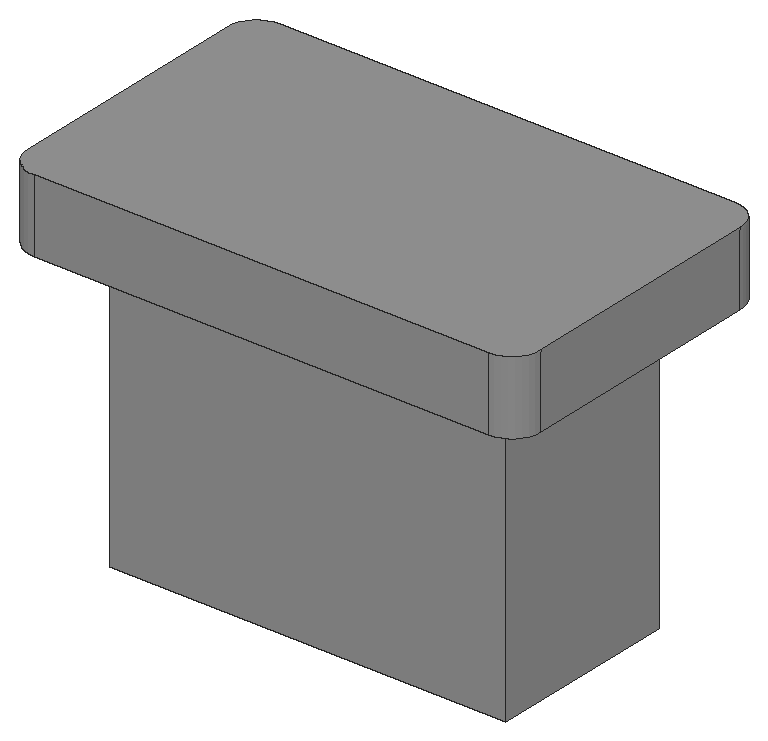
Revit family "Schutzkappen 27-18 bis 36-40", category HLS-Bauteile, Revit 2017
Family settings
  Bemaßung runder Anschluss = Durchmesser verwenden
  Teiletyp = Normal
  Arbeitsebenenbasiert = Ja
  Immer vertikal = Nein
  Beim Laden mit Abzugskörper schneiden = Nein
  Gemeinsam genutzt = Ja
  Raumberechnungspunkt = Nein
Parameters (values of type "Schutzkappe 35- 21")
  vpe = "50 St"
  Default Elevation = 1219.2 mm
  Regelhalter [instance] = ""
  Profiltyp = "35/21"
  Mengeneinheit = "St"
  Materialname = "PE"
  Material = "Kunststoff"
  L2 = 20 mm
  L1 = 5 mm
  Kurztext2 = "für Profil 35/21 PE Schwarz"
  Kurztext1 = "Endkappe C-Profil 35"
  H2 = 8.5 mm
  H1 = 8 mm
  Gewicht = 0.0058 kg
  Firma = "MEFA Befestigungs- und Montagesysteme GmbH"
  Farbe = "schwarz"
  Fabrikat = "MEFA"
  EAN = "4250928419309"
  D = 13 mm
  C = 27 mm
  BP = 4 mm
  B2 = 4 mm
  B1 = 21 mm
  B = 35 mm
  Artikelnummer = "0809012"
Types (4, lengths in mm): name | Profiltyp | L2 | Kurztext2 | Kurztext1 | H2 | H1 | Gewicht | EAN | D | C | B1 | B | Artikelnummer
  (no name) | "35/21" | 20 | "für Profil 35/21 PE Schwarz" | "Endkappe C-Profil 35" | 8.5 | 8 | 0.0058 kg | "4250928419309" | 13 | 27 | 21 | 35 | "0809012"
  Schutzkappe 27- 18 | "27/18" | 20 | "für Profil 27/18 PE Schwarz" | "Endkappe C-Profil 27" | 7 | 4 | 0.0045 kg | "4250928419316" | 10 | 19 | 18 | 27 | "0809032"
  Schutzkappe 35- 21 | "35/21" | 20 | "für Profil 35/21 PE Schwarz" | "Endkappe C-Profil 35" | 8.5 | 8 | 0.0058 kg | "4250928419309" | 13 | 27 | 21 | 35 | "0809012"
  Schutzkappe 36- 40 | "36/40" | 17 | "für Profil 36/40 PE Schwarz" | "Endkappe C-Profil 36" | 18 | 8.5 | 0.01 kg | "4250928449863" | 32 | 28 | 40 | 36 | "0809045"
Reference planes
  plane 1 "Mitte (Vorne/hinten)": y = 0
  plane 2: z = 0
  plane 3 "Mitte (Links/rechts)": x = 0
  plane 4: z = 5
  plane 5: y = 21
  plane 6: x = 35
  plane 7: y = 4
  plane 8: x = 4
  plane 9: z = -20
  plane 10: y = 8.5
  plane 11: x = 8
  plane 12: x = 4
  plane 13: y = 4
  plane 14: x = 31
  plane 15: y = 17
Forms (mm)
  Extrusion 1, solid, material "Acetalharz, schwarz"
    sketch origin (0, 0, 0) x (1, 0, 0) y (0, 1, 0)
      loop
        line (0, 0) -> (33.003, 0)
        arc (33.003, 0) -> (34.415, 0.585) -> (35, 1.997) r 1.997
        line (35, 1.997) -> (35, 18.969)
        arc (35, 18.969) -> (34.405, 20.405) -> (32.969, 21) r 2.031
        line (32.969, 21) -> (1.971, 21)
        arc (1.971, 21) -> (0.577, 20.423) -> (0, 19.029) r 1.971
        line (0, 19.029) -> (0, 0)
    from 0 to 5
  Extrusion 2, void
    sketch origin (0, 0, 0) x (1, 0, 0) y (0, 1, 0)
      loop
        arc (2.028, 0) -> (0.594, 0.594) -> (0, 2.028) r 2.028
        line (0, 2.028) -> (0, 0) -> (2.028, 0)
    from 0 to 5
  Extrusion 3, solid, material "Acetalharz, schwarz"
    sketch origin (0, 0, 0) x (1, 0, 0) y (0, 1, 0)
      loop
        line (4, 4) -> (31, 4) -> (31, 17) -> (4, 17) -> (4, 4)
    from 0 to -20
Cuts and joins
  Extrusion 2 cuts Extrusion 1
Lines and regions (mm)
  model lines
    curve 1: line (0, 10.528, 0) -> (35, 10.528, 0)
    curve 2: line (17.47, 21, 0) -> (17.47, 0, 0)
Dimensions and locks
  "L1": level to plane 4
  "B": plane 3 "Mitte (Links/rechts)" to plane 6
  "B1": plane 5 to plane 1 "Mitte (Vorne/hinten)"
  "BP": plane 3 "Mitte (Links/rechts)" to plane 8
  "B2": plane 7 to plane 1 "Mitte (Vorne/hinten)"
  "L2": plane 9 to level
  "H2": plane 10 to plane 1 "Mitte (Vorne/hinten)"
  "H1": plane 3 "Mitte (Links/rechts)" to plane 11
  "B2": plane 3 "Mitte (Links/rechts)" to plane 12
  "BP": plane 13 to plane 1 "Mitte (Vorne/hinten)"
  "C": plane 12 to plane 14
  "D": plane 15 to plane 13
  aligned and locked: level to plane 2
  aligned and locked: plane 1 "Mitte (Vorne/hinten)" to Extrusion 1 sketch curve
  aligned and locked: plane 3 "Mitte (Links/rechts)" to Extrusion 1 sketch curve
  aligned and locked: Extrusion 1 sketch curve to plane 5
  aligned and locked: Extrusion 1 sketch curve to plane 6
  aligned and locked: Extrusion 1 sketch curve to plane 1 "Mitte (Vorne/hinten)"
  aligned and locked: plane 4 to Extrusion 1
  aligned and locked: Extrusion 1 to Extrusion 2
  aligned and locked: plane 7 to Extrusion 3 sketch curve
  aligned and locked: plane 8 to Extrusion 3 sketch curve
  aligned and locked: level to Extrusion 3
  aligned and locked: Extrusion 3 to plane 9
  aligned and locked: plane 11 to nested 1
  aligned and locked: nested 1 to plane 10
  aligned and locked: plane 15 to Extrusion 3
  aligned and locked: plane 14 to Extrusion 3
Automatic sketch dimensions
  Extrusion 1 sketch curve to Extrusion 1 sketch curve = 1.971 mm
  Extrusion 1 sketch curve to Extrusion 1 sketch curve = 2.031 mm
  Extrusion 1 sketch curve to plane 6 = 1.997 mm
  plane 1 "Mitte (Vorne/hinten)" to Extrusion 2 sketch curve = 0 mm
  Extrusion 2 sketch curve to plane 3 "Mitte (Links/rechts)" = 0 mm
  Extrusion 2 sketch curve to Extrusion 2 sketch curve = 2.028 mm
  curve 1 to plane 3 "Mitte (Links/rechts)" = 0 mm
  curve 2 to plane 5 = 0 mm
  plane 1 "Mitte (Vorne/hinten)" to curve 2 = 0 mm
  curve 1 to plane 6 = 0 mm
  plane 11 to curve 2 = 9.47 mm
  plane 10 to curve 1 = 2.028 mm
  Extrusion 3 sketch curve to plane 14 = 0 mm
  Extrusion 3 sketch curve to plane 15 = 0 mm
Nested families
  nested 1: "MEFA Logo Dübel Rot klein.0001" at (8, 8.5, 5), type "MEFA Logo Dübel Rot klein.0001"
Definition of nested family "MEFA Logo Dübel Rot klein.0001"
  Parameters (values of type "MEFA Logo Dübel Rot klein.0001")
    Default Elevation = 1219.2 mm
    Regelhalter [instance] = ""
  Reference planes
    plane 1 "Mitte (Vorne/hinten)": y = 0
    plane 2: z = 0
    plane 3 "Mitte (Links/rechts)": x = 0
    plane 4: x = 18.869
    plane 5: y = 4.482
    plane 6: z = 0.79
  Forms (mm)
    Extrusion 1, solid
      sketch origin (0, 0, 0) x (1, 0, 0) y (0, 1, 0)
        loop
          line (-1219.2, 1219.2) -> (-1219.2, -1219.2) -> (1219.2, -1219.2) -> (1219.2, 1219.2) -> (-1219.2, 1219.2)
      from 0 to -304.8
  Dimensions and locks
    plane 3 "Mitte (Links/rechts)" to plane 4 = 18.869 mm
    plane 5 to plane 1 "Mitte (Vorne/hinten)" = 4.482 mm
    Extrusion 1 to plane 6 = 0.79 mm
    aligned and locked: plane 2 to Extrusion 1
    aligned and locked: level to Extrusion 1
    aligned and locked: import instance to plane 3 "Mitte (Links/rechts)"
    aligned and locked: plane 1 "Mitte (Vorne/hinten)" to import instance
    aligned and locked: plane 5 to import instance
    aligned and locked: plane 4 to import instance
    aligned and locked: plane 6 to import instance
